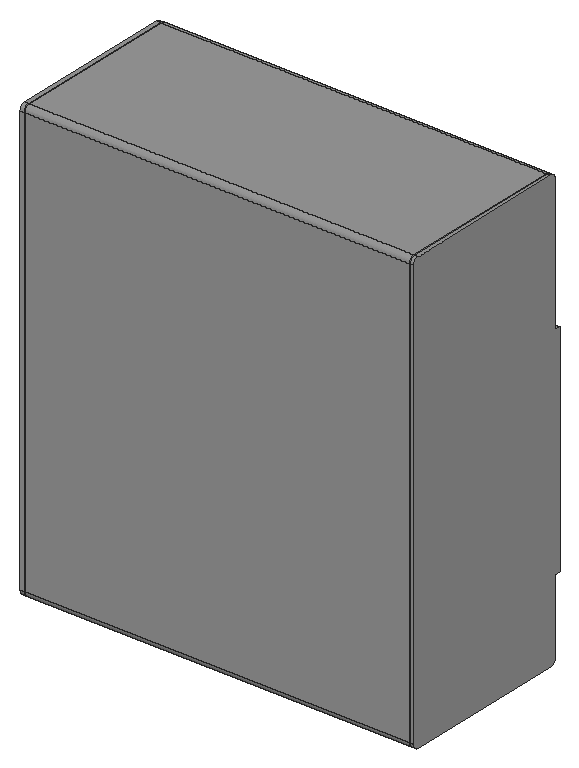
Revit family "L&L_LUCE&LIGHT_PASITO_1.0", category Lighting Fixtures, host Wall, Revit 2018 (continued)
Types (2, lengths in mm): name | Photometric Web File | built-in parameter 1150142
  PASITO_1.0 – Asymmetrical 150°x90° | "PASITO 1.0 AT 150°x90° [3000K 10W 230Vac] cor-ten.IES" | "IESNA:LM-63-2002\r\n[TEST] PASITO 10 40K80 ASY  ANTR - 20181016-1643.LDT\r\n[TESTLAB] L&L\r\n[TESTDATE] 16 Oct 2018\r\n[ISSUEDATE] 16 Oct 2018\r\n[MANUFAC] L&L\r\n[LUMCAT] PASITO 1.0 AT 150°x90° [3000K 10W 230Vac] cor-ten\r\n[LUMINAIRE] PASITO 1.0 AT 150°x90° [3000K 10W 230Vac] cor-ten\r\n[FLASHAREA] 0.000007\r\n[LAMPCAT] Power LED\r\n[LAMP] Power LED\r\nTILT=NONE\r\n1 305.00 1.0 181 73 1 2 0.001 0.030 0.000\r\n1.00 1.00 10.00\r\n0.00 1.00 2.00 3.00 4.00 5.00 6.00 7.00 8.00 9.00 10.00 \r\n11.00 12.00 13.00 14.00 15.00 16.00 17.00 18.00 19.00 \r\n20.00 21.00 22.00 23.00 24.00 25.00 26.00 27.00 28.00 \r\n29.00 30.00 31.00 32.00 33.00 34.00 35.00 36.00 37.00 \r\n38.00 39.00 40.00 41.00 42.00 43.00 44.00 45.00 46.00 \r\n47.00 48.00 49.00 50.00 51.00 52.00 53.00 54.00 55.00 \r\n56.00 57.00 58.00 59.00 60.00 61.00 62.00 63.00 64.00 \r\n65.00 66.00 67.00 68.00 69.00 70.00 71.00 72.00 73.00 \r\n74.00 75.00 76.00 77.00 78.00 79.00 80.00 81.00 82.00 \r\n83.00 84.00 85.00 86.00 87.00 88.00 89.00 90.00 91.00 \r\n92.00 93.00 94.00 95.00 96.00 97.00 98.00 99.00 100.00 \r\n101.00 102.00 103.00 104.00 105.00 106.00 107.00 108.00 \r\n109.00 110.00 111.00 112.00 113.00 114.00 115.00 116.00 \r\n117.00 118.00 119.00 120.00 121.00 122.00 123.00 124.00 \r\n125.00 126.00 127.00 128.00 129.00 130.00 131.00 132.00 \r\n133.00 134.00 135.00 136.00 137.00 138.00 139.00 140.00 \r\n141.00 142.00 143.00 144.00 145.00 146.00 147.00 148.00 \r\n149.00 150.00 151.00 152.00 153.00 154.00 155.00 156.00 \r\n157.00 158.00 159.00 160.00 161.00 162.00 163.00 164.00 \r\n165.00 166.00 167.00 168.00 169.00 170.00 171.00 172.00 \r\n173.00 174.00 175.00 176.00 177.00 178.00 179.00 180.00 \r\n0.00 5.00 10.00 15.00 20.00 25.00 30.00 35.00 40.00 45.00 \r\n50.00 55.00 60.00 65.00 70.00 75.00 80.00 85.00 90.00 \r\n95.00 100.00 105.00 110.00 115.00 120.00 125.00 130.00 \r\n135.00 140.00 145.00 150.00 155.00 160.00 165.00 170.00 \r\n175.00 180.00 185.00 190.00 195.00 200.00 205.00 210.00 \r\n215.00 220.00 225.00 230.00 235.00 240.00 245.00 250.00 \r\n255.00 260.00 265.00 270.00 275.00 280.00 285.00 290.00 \r\n295.00 300.00 305.00 310.00 315.00 320.00 325.00 330.00 \r\n335.00 340.00 345.00 350.00 355.00 360.00 \r\n0.00 0.00 0.00 0.00 0.00 0.00 0.00 0.00 0.00 0.00 0.00 \r\n0.00 0.00 0.00 0.00 0.00 0.00 0.00 0.00 0.00 0.00 0.00 \r\n0.00 0.01 0.01 0.01 0.01 0.01 0.01 0.01 0.01 0.01 0.01 \r\n0.02 0.02 0.02 0.01 0.03 0.03 0.04 0.04 0.05 0.04 0.05 \r\n0.06 0.06 0.07 0.07 0.08 0.09 0.09 0.10 0.10 0.11 0.11 \r\n0.12 0.13 0.15 0.16 0.18 0.19 0.21 0.22 0.23 0.25 0.26 \r\n0.27 0.28 0.29 0.30 0.31 0.31 0.31 0.32 0.32 0.32 0.32 \r\n0.32 0.32 0.31 0.31 0.09 0.12 0.14 0.16 0.15 0.12 0.08 \r\n0.27 0.26 0.25 0.09 0.15 0.17 0.17 0.15 0.14 0.14 0.13 \r\n0.12 0.11 0.11 0.10 0.09 0.08 0.08 0.07 0.07 0.06 0.06 \r\n0.05 0.05 0.05 0.04 0.04 0.04 0.04 0.03 0.03 0.03 0.03 \r\n0.03 0.03 0.03 0.02 0.02 0.02 0.02 0.02 0.02 0.02 0.02 \r\n0.02 0.02 0.02 0.02 0.02 0.02 0.02 0.02 0.02 0.02 0.02 \r\n0.02 0.02 0.02 0.02 0.02 0.02 0.02 0.02 0.02 0.02 0.02 \r\n0.02 0.02 0.02 0.01 0.01 0.01 0.01 0.01 0.01 0.01 0.01 \r\n0.01 0.01 0.01 0.01 0.01 0.01 0.01 0.01 0.01 0.01 0.01 \r\n0.01 0.01 0.01 0.01 0.00 \r\n0.00 0.00 0.00 0.00 0.00 0.00 0.00 0.00 0.00 0.00 0.00 \r\n0.00 0.00 0.00 0.00 0.00 0.00 0.00 0.00 0.00 0.00 0.00 \r\n0.00 0.00 0.00 0.00 0.00 0.00 0.00 0.00 0.00 0.00 0.00 \r\n0.00 0.00 0.00 0.00 0.00 0.00 0.00 0.00 0.00 0.00 0.00 \r\n0.00 0.00 0.00 0.00 0.00 0.00 0.00 0.00 0.00 0.00 0.00 \r\n0.00 0.00 0.00 0.00 0.00 0.00 0.00 0.00 0.00 0.00 0.00 \r\n0.00 0.00 0.00 0.00 0.00 0.00 0.00 0.00 0.00 0.00 0.00 \r\n0.00 0.00 0.00 0.00 0.00 0.00 0.00 0.00 0.00 0.00 0.00 \r\n0.00 0.00 0.00 0.00 0.00 0.00 0.00 0.00 0.00 0.00 0.00 \r\n0.00 0.00 0.00 0.00 0.00 0.00 0.00 0.00 0.00 0.00 0.00 \r\n0.00 0.00 0.00 0.00 0.00 0.00 0.00 0.00 0.00 0.00 0.00 \r\n0.00 0.00 0.00 0.00 0.00 0.00 0.00 0.00 0.00 0.00 0.00 \r\n0.00 0.00 0.00 0.00 0.00 0.00 0.00 0.00 0.00 0.00 0.00 \r\n0.00 0.00 0.00 0.00 0.00 0.00 0.00 0.00 0.00 0.00 0.00 \r\n0.00 0.00 0.00 0.00 0.00 0.00 0.00 0.00 0.00 0.00 0.00 \r\n0.00 0.00 0.00 0.00 0.00 0.00 0.00 0.00 0.00 0.00 0.00 \r\n0.00 0.00 0.00 0.00 0.00 \r\n0.00 0.00 0.00 0.00 0.00 0.00 0.00 0.00 0.00 0.00 0.00 \r\n0.00 0.00 0.00 0.00 0.00 0.00 0.00 0.00 0.00 0.00 0.00 \r\n0.00 0.00 0.00 0.00 0.00 0.00 0.00 0.00 0.00 0.00 0.00 \r\n0.00 0.00 0.00 0.00 0.00 0.00 0.00 0.00 0.00 0.00 0.00 \r\n0.00 0.00 0.00 0.00 0.00 0.00 0.00 0.00 0.00 0.00 0.00 \r\n0.00 0.00 0.00 0.00 0.00 0.00 0.00 0.00 0.00 0.00 0.00 \r\n0.00 0.00 0.00 0.00 0.00 0.00 0.00 0.00 0.00 0.00 0.00 \r\n0.00 0.00 0.00 0.00 0.00 0.00 0.00 0.00 0.00 0.00 0.00 \r\n0.00 0.00 0.00 0.00 0.00 0.00 0.00 0.00 0.00 0.00 0.00 \r\n0.00 0.00 0.00 0.00 0.00 0.00 0.00 0.00 0.00 0.00 0.00 \r\n0.00 0.00 0.00 0.00 0.00 0.00 0.00 0.00 0.00 0.00 0.00 \r\n0.00 0.00 0.00 0.00 0.00 0.00 0.00 0.00 0.00 0.00 0.00 \r\n0.00 0.00 0.00 0.00 0.00 0.00 0.00 0.00 0.00 0.00 0.00 \r\n0.00 0.00 0.00 0.00 0.00 0.00 0.00 0.00 0.00 0.00 0.00 \r\n0.00 0.00 0.00 0.00 0.00 0.00 0.00 0.00 0.00 0.00 0.00 \r\n0.00 0.00 0.00 0.00 0.00 0.00 0.00 0.00 0.00 0.00 0.00 \r\n0.00 0.00 0.00 0.00 0.00 \r\n0.00 0.00 0.00 0.00 0.00 0.00 0.00 0.00 0.00 0.00 0.00 \r\n0.00 0.00 0.00 0.00 0.00 0.00 0.00 0.00 0.00 0.00 0.00 \r\n0.00 0.00 0.00 0.00 0.00 0.00 0.00 0.00 0.00 0.00 0.00 \r\n0.00 0.00 0.00 0.00 0.00 0.00 0.00 0.00 0.00 0.00 0.00 \r\n0.00 0.00 0.00 0.00 0.00 0.00 0.00 0.00 0.00 0.00 0.00 \r\n0.00 0.00 0.00 0.00 0.00 0.00 0.00 0.00 0.00 0.00 0.00 \r\n0.00 0.00 0.00 0.00 0.00 0.00 0.00 0.00 0.00 0.00 0.00 \r\n0.00 0.00 0.00 0.00 0.00 0.00 0.00 0.00 0.00 0.00 0.00 \r\n0.00 0.00 0.00 0.00 0.00 0.00 0.00 0.00 0.00 0.00 0.00 \r\n0.00 0.00 0.00 0.00 0.00 0.00 0.00 0.00 0.00 0.00 0.00 \r\n0.00 0.00 0.00 0.00 0.00 0.00 0.00 0.00 0.00 0.00 0.00 \r\n0.00 0.00 0.00 0.00 0.00 0.00 0.00 0.00 0.00 0.00 0.00 \r\n0.00 0.00 0.00 0.00 0.00 0.00 0.00 0.00 0.00 0.00 0.00 \r\n0.00 0.00 0.00 0.00 0.00 0.00 0.00 0.00 0.00 0.00 0.00 \r\n0.00 0.00 0.00 0.00 0.00 0.00 0.00 0.00 0.00 0.00 0.00 \r\n0.00 0.00 0.00 0.00 0.00 0.00 0.00 0.00 0.00 0.00 0.00 \r\n0.00 0.00 0.00 0.00 0.00 \r\n0.00 0.00 0.00 0.00 0.00 0.00 0.00 0.00 0.00 0.00 0.00 \r\n0.00 0.00 0.00 0.00 0.00 0.00 0.00 0.00 0.00 0.00 0.00 \r\n0.00 0.00 0.00 0.00 0.00 0.00 0.00 0.00 0.00 0.00 0.00 \r\n0.00 0.00 0.00 0.00 0.00 0.00 0.00 0.00 0.00 0.00 0.00 \r\n0.00 0.00 0.00 0.00 0.00 0.00 0.00 0.00 0.00 0.00 0.00 \r\n0.00 0.00 0.00 0.00 0.00 0.00 0.00 0.00 0.00 0.00 0.00 \r\n0.00 0.00 0.00 0.00 0.00 0.00 0.00 0.00 0.00 0.00 0.00 \r\n0.00 0.00 0.00 0.00 0.00 0.00 0.00 0.00 0.00 0.00 0.00 \r\n0.00 0.00 0.00 0.00 0.00 0.00 0.00 0.00 0.00 0.00 0.00 \r\n0.00 0.00 0.00 0.00 0.00 0.00 0.00 0.00 0.00 0.00 0.00 \r\n0.00 0.00 0.00 0.00 0.00 0.00 0.00 0.00 0.00 0.00 0.00 \r\n0.00 0.00 0.00 0.00 0.00 0.00 0.00 0.00 0.00 0.00 0.00 \r\n0.00 0.00 0.00 0.00 0.00 0.00 0.00 0.00 0.00 0.00 0.00 \r\n0.00 0.00 0.00 0.00 0.00 0.00 0.00 0.00 0.00 0.00 0.00 \r\n0.00 0.00 0.00 0.00 0.00 0.00 0.00 0.00 0.00 0.00 0.00 \r\n0.00 0.00 0.00 0.00 0.00 0.00 0.00 0.00 0.00 0.00 0.00 \r\n0.00 0.00 0.00 0.00 0.00 \r\n0.00 0.00 0.00 0.00 0.00 0.00 0.00 0.00 0.00 0.00 0.00 \r\n0.00 0.00 0.00 0.00 0.00 0.00 0.00 0.00 0.00 0.00 0.00 \r\n0.00 0.00 0.00 0.00 0.00 0.00 0.00 0.00 0.00 0.00 0.00 \r\n0.00 0.00 0.00 0.00 0.00 0.00 0.00 0.00 0.00 0.00 0.00 \r\n0.00 0.00 0.00 0.00 0.00 0.00 0.00 0.00 0.00 0.00 0.00 \r\n0.00 0.00 0.00 0.00 0.00 0.00 0.00 0.00 0.00 0.00 0.00 \r\n0.00 0.00 0.00 0.00 0.00 0.00 0.00 0.00 0.00 0.00 0.00 \r\n0.00 0.00 0.00 0.00 0.00 0.00 0.00 0.00 0.00 0.00 0.00 \r\n0.00 0.00 0.00 0.00 0.00 0.00 0.00 0.00 0.00 0.00 0.00 \r\n0.00 0.00 0.00 0.00 0.00 0.00 0.00 0.00 0.00 0.00 0.00 \r\n0.00 0.00 0.00 0.00 0.00 0.00 0.00 0.00 0.00 0.00 0.00 \r\n0.00 0.00 0.00 0.00 0.00 0.00 0.00 0.00 0.00 0.00 0.00 \r\n0.00 0.00 0.00 0.00 0.00 0.00 0.00 0.00 0.00 0.00 0.00 \r\n0.00 0.00 0.00 0.00 0.00 0.00 0.00 0.00 0.00 0.00 0.00 \r\n0.00 0.00 0.00 0.00 0.00 0.00 0.00 0.00 0.00 0.00 0.00 \r\n0.00 0.00 0.00 0.00 0.00 0.00 0.00 0.00 0.00 0.00 0.00 \r\n0.00 0.00 0.00 0.00 0.00 \r\n0.00 0.00 0.00 0.00 0.00 0.00 0.00 0.00 0.00 0.00 0.00 \r\n0.00 0.00 0.00 0.00 0.00 0.00 0.00 0.00 0.00 0.00 0.00 \r\n0.00 0.00 0.00 0.00 0.00 0.00 0.00 0.00 0.00 0.00 0.00 \r\n0.00 0.00 0.00 0.00 0.00 0.00 0.00 0.00 0.00 0.00 0.00 \r\n0.00 0.00 0.00 0.00 0.00 0.00 0.00 0.00 0.00 0.00 0.00 \r\n0.00 0.00 0.00 0.00 0.00 0.00 0.00 0.00 0.00 0.00 0.00 \r\n0.00 0.00 0.00 0.00 0.00 0.00 0.00 0.00 0.00 0.00 0.00 \r\n0.00 0.00 0.00 0.00 0.00 0.00 0.00 0.00 0.00 0.00 0.00 \r\n0.00 0.00 0.00 0.00 0.00 0.00 0.00 0.00 0.00 0.00 0.00 \r\n0.00 0.00 0.00 0.00 0.00 0.00 0.00 0.00 0.00 0.00 0.00 \r\n0.00 0.00 0.00 0.00 0.00 0.00 0.00 0.00 0.00 0.00 0.00 \r\n0.00 0.00 0.00 0.00 0.00 0.00 0.00 0.00 0.00 0.00 0.00 \r\n0.00 0.00 0.00 0.00 0.00 0.00 0.00 0.00 0.00 0.00 0.00 \r\n0.00 0.00 0.00 0.00 0.00 0.00 0.00 0.00 0.00 0.00 0.00 \r\n0.00 0.00 0.00 0.00 0.00 0.00 0.00 0.00 0.00 0.00 0.00 \r\n0.00 0.00 0.00 0.00 0.00 0.00 0.00 0.00 0.00 0.00 0.00 \r\n0.00 0.00 0.00 0.00 0.00 \r\n0.00 0.00 0.00 0.00 0.00 0.00 0.00 0.00 0.00 0.00 0.00 \r\n0.00 0.00 0.00 0.00 0.00 0.00 0.00 0.00 0.00 0.00 0.00 \r\n0.00 0.00 0.00 0.00 0.00 0.00 0.00 0.00 0.00 0.00 0.00 \r\n0.00 0.00 0.00 0.00 0.00 0.00 0.00 0.00 0.00 0.00 0.00 \r\n0.00 0.00 0.00 0.00 0.00 0.00 0.00 0.00 0.00 0.00 0.00 \r\n0.00 0.00 0.00 0.00 0.00 0.00 0.00 0.00 0.00 0.00 0.00 \r\n0.00 0.00 0.00 0.00 0.00 0.00 0.00 0.00 0.00 0.00 0.00 \r\n0.00 0.00 0.00 0.00 0.00 0.00 0.00 0.00 0.00 0.00 0.00 \r\n0.00 0.00 0.00 0.00 0.00 0.00 0.00 0.00 0.00 0.00 0.00 \r\n0.00 0.00 0.00 0.00 0.00 0.00 0.00 0.00 0.00 0.00 0.00 \r\n0.00 0.00 0.00 0.00 0.00 0.00 0.00 0.00 0.00 0.00 0.00 \r\n0.00 0.00 0.00 0.00 0.00 0.00 0.00 0.00 0.00 0.00 0.00 \r\n0.00 0.00 0.00 0.00 0.00 0.00 0.00 0.00 0.00 0.00 0.00 \r\n0.00 0.00 0.00 0.00 0.00 0.00 0.00 0.00 0.00 0.00 0.00 \r\n0.00 0.00 0.00 0.00 0.00 0.00 0.00 0.00 0.00 0.00 0.00 \r\n0.00 0.00 0.00 0.00 0.00 0.00 0.00 0.00 0.00 0.00 0.00 \r\n0.00 0.00 0.00 0.00 0.00 \r\n0.00 0.00 0.00 0.00 0.00 0.00 0.00 0.00 0.00 0.00 0.00 \r\n0.00 0.00 0.00 0.00 0.00 0.00 0.00 0.00 0.00 0.00 0.00 \r\n0.00 0.00 0.00 0.00 0.00 0.00 0.00 0.00 0.00 0.00 0.00 \r\n0.00 0.00 0.00 0.00 0.00 0.00 0.00 0.00 0.00 0.00 0.00 \r\n0.00 0.00 0.00 0.00 0.00 0.00 0.00 0.00 0.00 0.00 0.00 \r\n0.00 0.00 0.00 0.00 0.00 0.00 0.00 0.00 0.00 0.00 0.00 \r\n0.00 0.00 0.00 0.00 0.00 0.00 0.00 0.00 0.00 0.00 0.00 \r\n0.00 0.00 0.00 0.00 0.00 0.00 0.00 0.00 0.00 0.00 0.00 \r\n0.00 0.00 0.00 0.00 0.00 0.00 0.00 0.00 0.00 0.00 0.00 \r\n0.00 0.00 0.00 0.00 0.00 0.00 0.00 0.00 0.00 0.00 0.00 \r\n0.00 0.00 0.00 0.00 0.00 0.00 0.00 0.00 0.00 0.00 0.00 \r\n0.00 0.00 0.00 0.00 0.00 0.00 0.00 0.00 0.00 0.00 0.00 \r\n0.00 0.00 0.00 0.00 0.00 0.00 0.00 0.00 0.00 0.00 0.00 \r\n0.00 0.00 0.00 0.00 0.00 0.00 0.00 0.00 0.00 0.00 0.00 \r\n0.00 0.00 0.00 0.00 0.00 0.00 0.00 0.00 0.00 0.00 0.00 \r\n0.00 0.00 0.00 0.00 0.00 0.00 0.00 0.00 0.00 0.00 0.00 \r\n0.00 0.00 0.00 0.00 0.00 \r\n0.00 0.00 0.00 0.00 0.00 0.00 0.00 0.00 0.00 0.00 0.00 \r\n0.00 0.00 0.00 0.00 0.00 0.00 0.00 0.00 0.00 0.00 0.00 \r\n0.00 0.00 0.00 0.00 0.00 0.00 0.00 0.00 0.00 0.00 0.00 \r\n0.00 0.00 0.00 0.00 0.00 0.00 0.00 0.00 0.00 0.00 0.00 \r\n0.00 0.00 0.00 0.00 0.00 0.00 0.00 0.00 0.00 0.00 0.00 \r\n0.00 0.00 0.00 0.00 0.00 0.00 0.00 0.00 0.00 0.00 0.00 \r\n0.00 0.00 0.00 0.00 0.00 0.00 0.00 0.00 0.00 0.00 0.00 \r\n0.00 0.00 0.00 0.00 0.00 0.00 0.00 0.00 0.00 0.00 0.00 \r\n0.00 0.00 0.00 0.00 0.00 0.00 0.00 0.00 0.00 0.00 0.00 \r\n0.00 0.00 0.00 0.00 0.00 0.00 0.00 0.00 0.00 0.00 0.00 \r\n0.00 0.00 0.00 0.00 0.00 0.00 0.00 0.00 0.00 0.00 0.00 \r\n0.00 0.00 0.00 0.00 0.00 0.00 0.00 0.00 0.00 0.00 0.00 \r\n0.00 0.00 0.00 0.00 0.00 0.00 0.00 0.00 0.00 0.00 0.00 \r\n0.00 0.00 0.00 0.00 0.00 0.00 0.00 0.00 0.00 0.00 0.00 \r\n0.00 0.00 0.00 0.00 0.00 0.00 0.00 0.00 0.00 0.00 0.00 \r\n0.00 0.00 0.00 0.00 0.00 0.00 0.00 0.00 0.00 0.00 0.00 \r\n0.00 0.00 0.00 0.00 0.00 \r\n0.00 0.00 0.00 0.00 0.00 0.00 0.00 0.00 0.00 0.00 0.00 \r\n0.00 0.00 0.00 0.00 0.00 0.00 0.00 0.00 0.00 0.00 0.00 \r\n0.00 0.00 0.00 0.00 0.00 0.00 0.00 0.00 0.00 0.00 0.00 \r\n0.00 0.00 0.00 0.00 0.00 0.00 0.00 0.00 0.00 0.00 0.00 \r\n0.00 0.00 0.00 0.00 0.00 0.00 0.00 0.00 0.00 0.00 0.00 \r\n0.00 0.00 0.00 0.00 0.00 0.00 0.00 0.00 0.00 0.00 0.00 \r\n0.00 0.00 0.00 0.00 0.00 0.00 0.00 0.00 0.00 0.00 0.00 \r\n0.00 0.00 0.00 0.00 0.00 0.00 0.00 0.00 0.00 0.00 0.00 \r\n0.00 0.00 0.00 0.00 0.00 0.00 0.00 0.00 0.00 0.00 0.00 \r\n0.00 0.00 0.00 0.00 0.00 0.00 0.00 0.00 0.00 0.00 0.00 \r\n0.00 0.00 0.00 0.00 0.00 0.00 0.00 0.00 0.00 0.00 0.00 \r\n0.00 0.00 0.00 0.00 0.00 0.00 0.00 0.00 0.00 0.00 0.00 \r\n0.00 0.00 0.00 0.00 0.00 0.00 0.00 0.00 0.00 0.00 0.00 \r\n0.00 0.00 0.00 0.00 0.00 0.00 0.00 0.00 0.00 0.00 0.00 \r\n0.00 0.00 0.00 0.00 0.00 0.00 0.00 0.00 0.00 0.00 0.00 \r\n0.00 0.00 0.00 0.00 0.00 0.00 0.00 0.00 0.00 0.00 0.00 \r\n0.00 0.00 0.00 0.00 0.00 \r\n0.00 0.00 0.00 0.00 0.00 0.00 0.00 0.00 0.00 0.00 0.00 \r\n0.00 0.00 0.00 0.00 0.00 0.00 0.00 0.00 0.00 0.00 0.00 \r\n0.00 0.00 0.00 0.00 0.00 0.00 0.00 0.00 0.00 0.00 0.00 \r\n0.00 0.00 0.00 0.00 0.00 0.00 0.00 0.00 0.00 0.00 0.00 \r\n0.00 0.00 0.00 0.00 0.00 0.00 0.00 0.00 0.00 0.00 0.00 \r\n0.00 0.00 0.00 0.00 0.00 0.00 0.00 0.00 0.00 0.00 0.00 \r\n0.00 0.00 0.00 0.00 0.00 0.00 0.00 0.00 0.00 0.00 0.00 \r\n0.00 0.00 0.00 0.00 0.00 0.00 0.00 0.00 0.00 0.00 0.00 \r\n0.00 0.00 0.00 0.00 0.00 0.00 0.00 0.00 0.00 0.00 0.00 \r\n0.00 0.00 0.00 0.00 0.00 0.00 0.00 0.00 0.00 0.00 0.00 \r\n0.00 0.00 0.00 0.00 0.00 0.00 0.00 0.00 0.00 0.00 0.00 \r\n0.00 0.00 0.00 0.00 0.00 0.00 0.00 0.00 0.00 0.00 0.00 \r\n0.00 0.00 0.00 0.00 0.00 0.00 0.00 0.00 0.00 0.00 0.00 \r\n0.00 0.00 0.00 0.00 0.00 0.00 0.00 0.00 0.00 0.00 0.00 \r\n0.00 0.00 0.00 0.00 0.00 0.00 0.00 0.00 0.00 0.00 0.00 \r\n0.00 0.00 0.00 0.00 0.00 0.00 0.00 0.00 0.00 0.00 0.00 \r\n0.00 0.00 0.00 0.00 0.00 \r\n0.00 0.00 0.00 0.00 0.00 0.00 0.00 0.00 0.00 0.00 0.00 \r\n0.00 0.00 0.00 0.00 0.00 0.00 0.00 0.00 0.00 0.00 0.00 \r\n0.00 0.00 0.00 0.00 0.00 0.00 0.00 0.00 0.00 0.00 0.00 \r\n0.00 0.00 0.00 0.00 0.00 0.00 0.00 0.00 0.00 0.00 0.00 \r\n0.00 0.00 0.00 0.00 0.00 0.00 0.00 0.00 0.00 0.00 0.00 \r\n0.00 0.00 0.00 0.00 0.00 0.00 0.00 0.00 0.00 0.00 0.00 \r\n0.00 0.00 0.00 0.00 0.00 0.00 0.00 0.00 0.00 0.00 0.00 \r\n0.00 0.00 0.00 0.00 0.00 0.00 0.00 0.00 0.00 0.00 0.00 \r\n0.00 0.00 0.00 0.00 0.00 0.00 0.00 0.00 0.00 0.00 0.00 \r\n0.00 0.00 0.00 0.00 0.00 0.00 0.00 0.00 0.00 0.00 0.00 \r\n0.00 0.00 0.00 0.00 0.00 0.00 0.00 0.00 0.00 0.00 0.00 \r\n0.00 0.00 0.00 0.00 0.00 0.00 0.00 0.00 0.00 0.00 0.00 \r\n0.00 0.00 0.00 0.00 0.00 0.00 0.00 0.00 0.00 0.00 0.00 \r\n0.00 0.00 0.00 0.00 0.00 0.00 0.00 0.00 0.00 0.00 0.00 \r\n0.00 0.00 0.00 0.00 0.00 0.00 0.00 0.00 0.00 0.00 0.00 \r\n0.00 0.00 0.00 0.00 0.00 0.00 0.00 0.00 0.00 0.00 0.00 \r\n0.00 0.00 0.00 0.00 0.00 \r\n0.00 0.00 0.00 0.00 0.00 0.00 0.00 0.00 0.00 0.00 0.00 \r\n0.00 0.00 0.00 0.00 0.00 0.00 0.00 0.00 0.00 0.00 0.00 \r\n0.00 0.00 0.00 0.00 0.00 0.00 0.00 0.00 0.00 0.00 0.00 \r\n0.00 0.00 0.00 0.00 0.00 0.00 0.00 0.00 0.00 0.00 0.00 \r\n0.00 0.00 0.00 0.00 0.00 0.00 0.00 0.00 0.00 0.00 0.00 \r\n0.00 0.00 0.00 0.00 0.00 0.00 0.00 0.00 0.00 0.00 0.00 \r\n0.00 0.00 0.00 0.00 0.00 0.00 0.00 0.00 0.00 0.00 0.00 \r\n0.00 0.00 0.00 0.00 0.00 0.00 0.00 0.00 0.00 0.00 0.00 \r\n0.00 0.00 0.00 0.00 0.00 0.00 0.00 0.00 0.00 0.00 0.00 \r\n0.00 0.00 0.00 0.00 0.00 0.00 0.00 0.00 0.00 0.00 0.00 \r\n0.00 0.00 0.00 0.00 0.00 0.00 0.00 0.00 0.00 0.00 0.00 \r\n0.00 0.00 0.00 0.00 0.00 0.00 0.00 0.00 0.00 0.00 0.00 \r\n0.00 0.00 0.00 0.00 0.00 0.00 0.00 0.00 0.00 0.00 0.00 \r\n0.00 0.00 0.00 0.00 0.00 0.00 0.00 0.00 0.00 0.00 0.00 \r\n0.00 0.00 0.00 0.00 0.00 0.00 0.00 0.00 0.00 0.00 0.00 \r\n0.00 0.00 0.00 0.00 0.00 0.00 0.00 0.00 0.00 0.00 0.00 \r\n0.00 0.00 0.00 0.00 0.00 \r\n0.00 0.00 0.00 0.00 0.00 0.00 0.00 0.00 0.00 0.00 0.00 \r\n0.00 0.00 0.00 0.00 0.00 0.00 0.00 0.00 0.00 0.00 0.00 \r\n0.00 0.00 0.00 0.00 0.00 0.00 0.00 0.00 0.00 0.00 0.00 \r\n0.00 0.00 0.00 0.00 0.00 0.00 0.00 0.00 0.00 0.00 0.00 \r\n0.00 0.00 0.00 0.00 0.00 0.00 0.00 0.00 0.00 0.00 0.00 \r\n0.00 0.00 0.00 0.00 0.00 0.00 0.00 0.00 0.00 0.00 0.00 \r\n0.00 0.00 0.00 0.00 0.00 0.00 0.00 0.00 0.00 0.00 0.00 \r\n0.00 0.00 0.00 0.00 0.00 0.00 0.00 0.00 0.00 0.00 0.00 \r\n0.00 0.00 0.00 0.00 0.00 0.00 0.00 0.00 0.00 0.00 0.00 \r\n0.00 0.00 0.00 0.00 0.00 0.00 0.0
